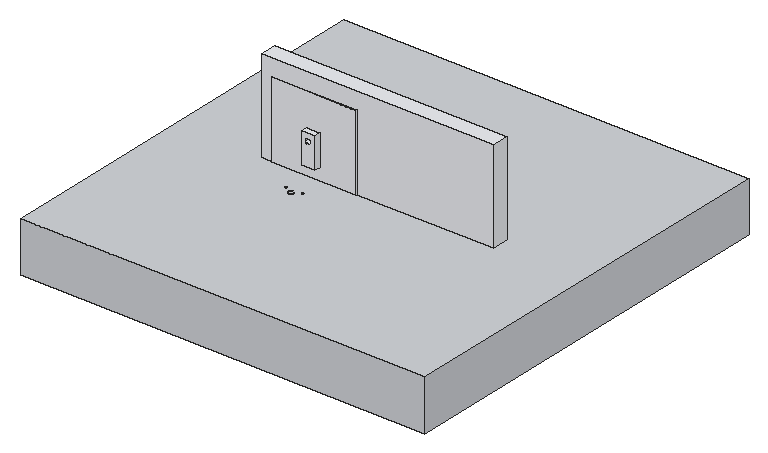
Revit family
Parameters (values of type "9113-WM-LH")
  Waste Connection = yes
  WFU = 2
  Vent Connection = no
  URL = "http://www.neo-metro.com/"
  Type Comments = ""
  Satin Overflow Waste Plate (Standard) = yes
  Revised Date = "12/04/2015"  # constant formula
  Phone# = "626-336-4561"
  Model = "9113-WM-LH"
  Material = Cast Solid Surface-Neo Metro-Blanco-RDC10
  Manufacturer = "Neo-Metro"
  High Polish Overflow Waste Plate (Non-standard) = no
  HWFU = 1.5
  HW Connection = yes
  Dyson Airblade™ Tap AB11 Wall (Wall Mounted Faucet) = no
  Dyson Airblade™ Tap AB09 Short (Deck Mounted Faucet) = no
  Designed By = "Allied Technical Services"  # constant formula
  Description = "55\" Wall Mounted Solid Surface Deck with Integrated Basin"
  Default Elevation = 34"
  CWFU = 1.5
  CW Connection = yes
  Assembly Code = "D2010310"
  -MC-FLR - Commercial Floor Mounted Arm/Carrier (Required for commercial application - requires 2" x 6" wall construction) = no
  -MC - Standard Arm/Wall Mounted Carrier (suggested for residential/light commercial applications) = no
  -LH - Left Hand Offset (in orientation of user facing unit) = yes
  -H38 - 8" Centerset (203 mm) = no
  -H36 - 6" Centerset (152 mm) = no
  -H1 - Single Hole (Centered) = no
  -H0 - No Faucet Hole (For wall mounted faucet) = no
  - RDC16 Anise (Black) = no
  - RDC14 Grey Goose (Gray) = no
  - RDC10 Blanco (White) = no
Reference planes (in)
  plane 1 "Center (Front/Back)": y = 0
  plane 2: z = 0
  plane 3 "Center (Left/Right)": x = 0
  plane 4: z = 18
  plane 5: x = 15.00759
  plane 6: x = 27.5
  plane 7: x = -27.5
  plane 8: y = -2
  plane 9: y = 2
  plane 10: z = 22
  plane 11: x = -6.5
  plane 12: z = 4
  plane 13: z = 18
  plane 14: x = -23.5
  plane 15: x = -4.99219
  plane 16: x = -24.99219
  plane 17: x = -13.5
  plane 18: x = -16.5
  plane 19: y = -32
  plane 20: y = -9
  plane 21: x = -13
  plane 22: x = -17
  plane 23: x = -15
  plane 24: z = 2
Forms (in)
  Extrusion 1, solid
    sketch origin (0, 0, 0) x (1, 0, 0) y (0, 1, 0)
      loop
        line (-48, 48) -> (-48, -48) -> (48, -48) -> (48, 48) -> (-48, 48)
    from 0 to -12
  Extrusion 2, solid, material "Cast Solid Surface-Neo Metro-Blanco-RDC10" <- "Material"
    sketch origin (-27.5, -24.82566, 0) x (0, 1, 0) y (0, 0, 1)
      loop
        line (26.82566, 0) -> (26.82566, 22) -> (22.82566, 22) -> (22.82566, 0) -> (26.82566, 0)
    from 0 to 55
  Extrusion 3, solid, material "Cast Solid Surface-Neo Metro-Blanco-RDC10" <- "Material"
    sketch origin (0, -24.82566, 0) x (0, 1, 0) y (0, 0, -1)
      loop
        line (22.82566, -18) -> (22.82566, 0) -> (22.57566, 0) -> (22.57566, -18) -> (22.82566, -18)
    from 4.99219 to 24.99219
  Extrusion 4, solid, material "Cast Solid Surface-Neo Metro-Blanco-RDC10" <- "Material"
    sketch origin (1.5, -24.82566, 0) x (0, 1, 0) y (0, 0, -1)
      loop
        line (22.82566, -10.25) -> (22.82566, -2.75) -> (21.07566, -2.93393) -> (21.07566, -10.25) -> (22.82566, -10.25)
    from 15 to 18
  Blend 5, solid, material "Cast Solid Surface-Neo Metro-Blanco-RDC10" <- "Material"
    base sketch origin (0, -24.82566, 4) x (-1, 0, 0) y (0, -1, 0)
      loop
        line (14.375, -26.73258) -> (15.625, -26.73258) -> (15.625, -25.98258) -> (14.375, -25.98258) -> (14.375, -26.73258)
    top sketch origin (0, -24.82566, 4) x (-1, 0, 0) y (0, -1, 0)
      loop
        arc (15.5, -26.17008) -> (15.48169, -26.12588) -> (15.4375, -26.10758) r 0.0625
        line (15.4375, -26.10758) -> (14.5625, -26.10758)
        arc (14.5625, -26.10758) -> (14.51831, -26.12588) -> (14.5, -26.17008) r 0.0625
        line (14.5, -26.17008) -> (14.5, -26.54508)
        arc (14.5, -26.54508) -> (14.51831, -26.58927) -> (14.5625, -26.60758) r 0.0625
        line (14.5625, -26.60758) -> (15.4375, -26.60758)
        arc (15.4375, -26.60758) -> (15.48169, -26.58927) -> (15.5, -26.54508) r 0.0625
        line (15.5, -26.54508) -> (15.5, -26.17008)
    from 0 to 0.214
  Extrusion 6, void
    sketch origin (27.5, -2, 0.02026) x (0, 0, -1) y (-1, 0, 0)
      loop
        arc (-17.97974, 34.5) -> (-17.83329, 34.14645) -> (-17.47974, 34) r 0.5
        line (-17.47974, 34) -> (-4.47974, 34)
        arc (-4.47974, 34) -> (-4.12619, 34.14645) -> (-3.97974, 34.5) r 0.5
        line (-3.97974, 34.5) -> (-3.97974, 50.5)
        arc (-3.97974, 50.5) -> (-4.12619, 50.85355) -> (-4.47974, 51) r 0.5
        line (-4.47974, 51) -> (-17.47974, 51)
        arc (-17.47974, 51) -> (-17.83329, 50.85355) -> (-17.97974, 50.5) r 0.5
        line (-17.97974, 50.5) -> (-17.97974, 34.5)
    from 0.90692 to 4.85277
  Revolve 7, void
    sketch origin (6.5, -24.82566, 8.5) x (0, 1, 0) y (-1, 0, 0)
      loop
        line (23.6205, 21.5) -> (23.6205, 21.875) -> (23.6205, 21.99924) -> (23.78739, 22.125) -> (20.45757, 22.125) -> (20.45757, 21.5) -> (23.6205, 21.5)
      axis (20.45757, 21.5) -> (23.78739, 21.5)
    angle from 0 to 360
  Extrusion 8, solid
    sketch origin (0, 0, 0) x (1, 0, 0) y (0, 1, 0)
      loop
        circle (-17, -8) r 0.1875
      loop
        circle (-13, -8) r 0.1875
      loop
        circle (-15, -9) r 0.625
    from -0.28339 to 0
Cuts and joins
  Extrusion 6, Revolve 7 cuts Extrusion 2
  Revolve 7 cuts Extrusion 3
  Revolve 7 cuts Extrusion 4
  joined: Extrusion 2, Extrusion 3, Extrusion 4
Dimensions and locks (in)
  plane 6 to plane 7 = 55"
  plane 9 to plane 8 = 4"
  Extrusion 1 to plane 10 = 22"
  locked: plane 14 to plane 11 at 17
  locked: plane 12 to plane 13 at 14
  locked: plane 11 to plane 6 at 34
  locked: plane 16 to plane 15 at 20
  plane 18 to plane 17 = 3"
  locked: plane 17 to plane 6 at 41
  locked: cut or joined group of Extrusion 2, Extrusion 3, Extrusion 4, Extrusion 6, Revolve 7 to plane 18 at 8.49219
  locked: plane 17 to plane 15 at 8.50781
  locked: plane 18 to Revolve 7 sketch curve at 0.875
  locked: Revolve 7 sketch curve to plane 17 at 1.5
  locked: plane 18 to Blend 5 sketch curve at 0.875
  locked: Blend 5 sketch curve to Blend 5 sketch curve at 1.25
  locked: plane 18 to Blend 5 sketch curve at 1
  locked: Blend 5 sketch curve to Blend 5 sketch curve at 1
  locked: Blend 5 sketch curve to Blend 5 sketch curve at 0.75
  locked: Blend 5 sketch curve to Blend 5 sketch curve at 0.5
  "Default Elevation": plane 9 to plane 19
  locked: plane 22 to plane 21 at 4
  locked: plane 16 to plane 22 at 7.99219
  locked: plane 16 to plane 23 at 9.99219
  aligned and locked: plane 2 to Extrusion 1
  aligned and locked: level to Extrusion 1
  aligned and locked: plane 11 to Extrusion 6 sketch curve
  aligned and locked: plane 13 to Extrusion 6 sketch curve
  aligned and locked: Extrusion 6 sketch curve to plane 12
  aligned and locked: Extrusion 6 sketch curve to plane 14
  aligned and locked: plane 18 to cut or joined group of Extrusion 2, Extrusion 3, Extrusion 4, Extrusion 6, Revolve 7
  aligned and locked: cut or joined group of Extrusion 2, Extrusion 3, Extrusion 4, Extrusion 6, Revolve 7 to plane 17
  aligned and locked: cut or joined group of Extrusion 2, Extrusion 3, Extrusion 4, Extrusion 6, Revolve 7 to plane 15
  aligned and locked: plane 16 to cut or joined group of Extrusion 2, Extrusion 3, Extrusion 4, Extrusion 6, Revolve 7
  aligned and locked: level to Extrusion 8
Automatic sketch dimensions
  Extrusion 1 sketch curve to Extrusion 1 sketch curve = 96"  (x2)
  Extrusion 2 sketch curve to level = 0"
  Extrusion 2 sketch curve to plane 8 = 0"
  Extrusion 2 sketch curve to plane 9 = 0"
  Extrusion 2 sketch curve to plane 10 = 0"
  Extrusion 3 sketch curve to plane 4 = 0"
  Extrusion 3 sketch curve to level = 0"
  Extrusion 3 sketch curve to plane 8 = 0"
  plane 8 to Extrusion 3 sketch curve = 1/4"
  Blend 5 sketch curve to Blend 5 sketch curve = 1/16"  (x3)
  Blend 5 sketch curve to plane 9 = 0.21808"
  Blend 5 sketch curve to Blend 5 sketch curve = 0"
  Extrusion 6 sketch curve to Extrusion 6 sketch curve = 1/2"  (x4)
  Blend 5 sketch curve to plane 9 = 0.09308"
  Extrusion 8 sketch curve to plane 22 = 0"
  Extrusion 8 sketch curve to plane 20 = 0"
  Extrusion 8 sketch curve to plane 23 = 0"
  Extrusion 8 sketch curve to plane 21 = 0"
  plane 20 to Extrusion 8 sketch curve = 1"  (x2)
  plane 8 to Revolve 7 sketch curve = 2.36809"
  Revolve 7 sketch curve to plane 8 = 0.32211"
  Revolve 7 sketch curve to Revolve 7 sketch curve = 0.13135"
  Revolve 7 sketch curve to Revolve 7 sketch curve = 0.34138"
  Revolve 7 sketch curve to Revolve 7 sketch curve = 0.16689"
  Revolve 7 sketch curve to Revolve 7 sketch curve = 5/8"
  Revolve 7 sketch curve to Revolve 7 sketch curve = 1/4"
  Revolve 7 sketch curve to Revolve 7 sketch curve = 0.12424"
  Extrusion 4 sketch curve to plane 8 = 0"
  plane 8 to Extrusion 4 sketch curve = 1 3/4"
  Extrusion 4 sketch curve to plane 4 = 7 3/4"
  Extrusion 4 sketch curve to plane 24 = 0.93393"
  Extrusion 4 sketch curve to plane 24 = 3/4"
  radius of Extrusion 8 sketch curve = 3/16"  (x2)
  radius of Extrusion 8 sketch curve = 5/8"
Connectors (in)
  piping at (-15, -9, -0.28339), driven by "WFU"
    settings: on Extrusion 8, index 1
  piping at (-17, -8, -0.28339), driven by "HWFU"
    settings: on Extrusion 8, index 2
  piping at (-13, -8, -0.28339), driven by "CWFU"
    settings: on Extrusion 8, index 3
